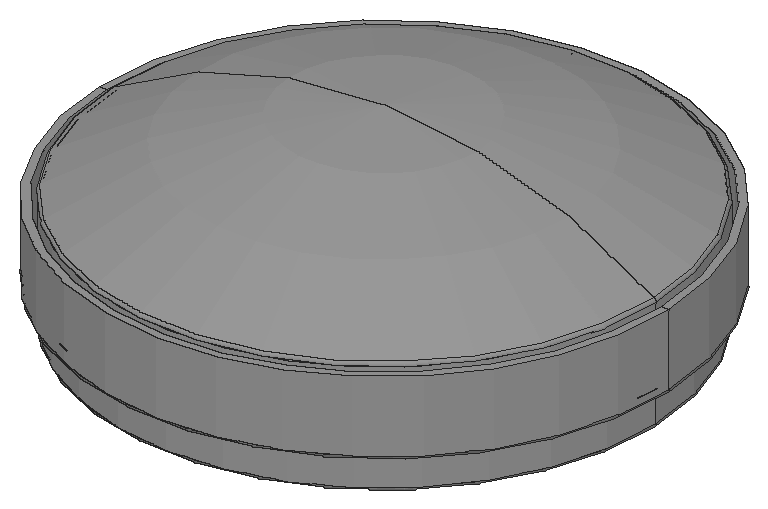
Revit family "3034772 Sylvania Lighting Fixture GIOTTO305 LED G2 4000K SURFACE DALI ", category Lighting Fixtures, host Face, Revit 2016
Family settings
  Host = Face
  Part Type = Normal
  Round Connector Dimension = Use Diameter
  OmniClass Number = 23.80.70.00
  OmniClass Title = Lighting
  Cut with Voids When Loaded = No
  Light Source = Yes
  Shared = No
  Room Calculation Point = No
Parameters (values of type "3034772 GIOTTO305 LED G2 4000K SURFACE DALI ")
  Weight = "1.11 kg"
  Wattage Comments = ""
  Wattage = 19 W
  WarrantyStartDate [instance] = "n/a"
  WarrantyGuarantorParts = "n/a"
  WarrantyDurationUnit = "n/a"
  WarrantyDurationParts = "n/a"
  WarrantyDescription = "n/a"
  built-in parameter 1150110 = 1 (stored number, unit not read)
  Voltage = 0 V
  URL = "http://www.sylvania-lighting.com"
  TypeName = "GIOTTO305 LED G2 4000K SURFACE DALI"
  Type Image = <None>
  Type Comments = "n/a"
  built-in parameter 1114217 = 1 (stored number, unit not read)
  Tilt Angle = -90.00°
  built-in parameter 1150109 = 1 (stored number, unit not read)
  built-in parameter 1150134 = 12
  built-in parameter 1150113 = 1 (stored number, unit not read)
  SerialNumber [instance] = "n/a"
  Photometric Web File = "3034772.ies"
  Material_3_SYL = LED-Sylvania
  PowerFactor = 0
  PowerConsumption = "19 W"
  NominalLength = 305 mm
  NominalHeight = 104 mm
  NominalDepth = 305 mm
  Name = "GIOTTO305 LED G2 4000K SURFACE DALI"
  ModelReference = Name  # "GIOTTO305 LED G2 4000K SURFACE DALI"
  ModelNumber = "3034772"
  Model = Name  # "GIOTTO305 LED G2 4000K SURFACE DALI"
  Material = "polycarbonate housing, polycarbonate diffuser"
  ManufacturerName = "Feilo Sylvania"
  Manufacturer = "Feilo Sylvania"
  LuminousEfficacy = "89 lm/W"
  built-in parameter 1150105 = 134.57 (stored number, unit not read)
  Lumens = 1691 lm
  LuminaireType = ""
  built-in parameter 1150115 = 1 (stored number, unit not read)
  LightOutputRatio = "n/a"
  built-in parameter 1150137 = (empty or 0)
  built-in parameter 1150139 = (empty or 0)
  LampsType = Lamp  # "LED"
  LampNominalLuminous = "1690 lm"
  LampMacAdamStep = "n/a"
  LampColourTemperature = "4000 K"
  LampColourRenderingIndex = "80"
  built-in parameter 1150112 = 1 (stored number, unit not read)
  built-in parameter 1150114 = 1 (stored number, unit not read)
  Lamp = "LED"
  Keynote = "16500"
  InstallationDate [instance] = "n/a"
  InputVoltage = "n/a"
  InputNominalFrequency = "n/a"
  built-in parameter 1150132 = (empty or 0)
  built-in parameter 1150102 = (empty or 0)
  built-in parameter 1150107 = 4000 (stored number, unit not read)
  built-in parameter 1150138 = (empty or 0)
  IngressProtection = "IP44"
  ImpactProtectionIndex = "IK10"
  built-in parameter 1150106 = 1.3457 (stored number, unit not read)
  IfcExportType = "IfcLightFixtureType"
  IfcExportAs = "IfcLightFixtureType"
  Height_SYL = 104 mm
  ExpectedLife = 50000
  Emit from Circle Diameter = 317 mm
  Emit Shape Visible in Rendering = no
  ElectricShockClassification = "Class I"
  built-in parameter 1150104 = 8.2684 (stored number, unit not read)
  DurationUnit = "hours"
  DocumentationLiterature = "http://www.sylvania-lighting.com/product/en-int/products/3034772"
  DimmingControlOptions = "n/a"
  Material_2_SYL = Polycarbonate_Sylvania_Giotto_Opal
  Dimming Lamp Color Temperature Shift = <None>
  DiffuserRadius_SYL = 282.611 mm
  Diameter_SYL = 305 mm
  Description = "Ambient and decorative round, surface mounted LED bulkhead luminaire. White robust polycarbonate body with opal diffuser, 1690 lm, 19W, 89lm/W, 4000K, CRI 80, DALI, 50,000 hours lumen maintenance. Drive current: 700mA, IP44, IK10, Class I, 220-240V, Energy class: A++, A+, A."
  Default Elevation = 1219.2 mm
  CreatedOn = "11/7/2018"
  CreatedBy = "@sylvania-lighting.com"
  Cost = 0
  Color Filter = 16777215
  built-in parameter 1114216 [instance] = (empty or 0)
  ClassificationValue = "EF_70_80"
  ClassificationName = "Uniclass2015"
  Material_1_SYL = Polycarbonate_Sylvania_Giotto_White
  BarCode [instance] = "n/a"
  built-in parameter 1114218 = 1 (stored number, unit not read)
  built-in parameter 1150133 = 10 (stored number, unit not read)
  AssetType = "Fixed"
  AssetIdentifier [instance] = "n/a"
  Assembly Code = "D5020200"
  Apparent Load = 19 VA
  Material_4_SYL = none
Reference planes
  plane 1 "Center (Front/Back)": y = 0
  plane 2: z = 0
  plane 3 "Center (Left/Right)": x = 0
  plane 4: x = 152.5
  plane 5: x = -152.5
  plane 6: x = -145.5
  plane 7: x = -148.5
  plane 8: z = 104
  plane 9: z = 59
  plane 10: z = 19
  plane 11: z = 24
  plane 12: x = -150.9
  plane 13: z = 20.6
  plane 14: z = 1.6
  plane 15: x = -143.9
  plane 16: z = 18
  plane 17: x = -146.5
  plane 18: z = 25
  plane 19: z = 61
Forms (mm)
  Revolve 1, solid, material "Polycarbonate_Sylvania_Giotto_White" <- "Material_1_SYL"
    sketch origin (0, 0, 0) x (1, 0, 0) y (0, 0, 1)
      loop
        line (0, 0) -> (0, 25) -> (-143.9, 25) -> (-143.9, 24) -> (-148.5, 24) -> (-148.5, 59) -> (-152.5, 59) -> (-152.5, 20.6)
        arc (-152.5, 20.6) -> (-152.031, 19.469) -> (-150.9, 19) r 1.6
        line (-150.9, 19) -> (-146.5, 19)
        arc (-146.5, 19) -> (-145.793, 18.707) -> (-145.5, 18) r 1
        line (-145.5, 18) -> (-145.5, 1.6)
        arc (-145.5, 1.6) -> (-145.031, 0.469) -> (-143.9, 0) r 1.6
        line (-143.9, 0) -> (0, 0)
      axis (0, 59) -> (0, 0)
    angle from 360 to 0
  Revolve 2, solid, material "Polycarbonate_Sylvania_Giotto_Opal" <- "Material_2_SYL"
    sketch origin (0, 0, 0) x (1, 0, 0) y (0, 0, 1)
      loop
        line (-145.5, 24) -> (-143.9, 24) -> (-143.9, 59.636)
        arc (-143.9, 59.636) -> (-143.79, 60.068) -> (-143.485, 60.394) r 0.9
        arc (-143.485, 60.394) -> (-74.754, 91.683) -> (0, 102.4) r 266.066
        line (0, 102.4) -> (0, 104)
        arc (0, 104) -> (-75.203, 93.218) -> (-144.348, 61.742) r 267.666
        arc (-144.348, 61.742) -> (-145.193, 60.836) -> (-145.5, 59.636) r 2.5
        line (-145.5, 59.636) -> (-145.5, 24)
      axis (0, 104) -> (0, 24)
    angle from 360 to 0
Dimensions and locks
  equal spacing: plane 4, plane 3 "Center (Left/Right)", plane 5
  "Diameter_SYL": plane 4 to plane 5
  locked: plane 6 to plane 5 at 7
  locked: plane 7 to plane 5 at 4
  "Height_SYL": plane 8 to plane 2
  locked: plane 8 to plane 9 at 45
  locked: plane 9 to plane 10 at 40
  Revolve 1 sketch curve to Revolve 1 sketch curve = 4.4 mm
  locked: plane 11 to plane 10 at 5
  locked: plane 12 to plane 5 at 1.6
  locked: plane 13 to plane 10 at 1.6
  locked: plane 14 to plane 2 at 1.6
  locked: plane 15 to plane 6 at 1.6
  locked: plane 6 to plane 17 at 1
  locked: plane 10 to plane 16 at 1
  locked: plane 18 to plane 11 at 1
  locked: plane 19 to plane 9 at 2
  aligned and locked: plane 2 to host face
  aligned and locked: level to host face
  aligned and locked: Revolve 1 sketch curve to plane 3 "Center (Left/Right)"
  aligned and locked: level to Revolve 1 sketch curve
  aligned and locked: Revolve 1 sketch curve to plane 10
  aligned and locked: plane 9 to Revolve 1 sketch curve
  aligned and locked: Revolve 1 sketch curve to plane 7
  aligned and locked: plane 12 to Revolve 1 sketch curve  (x2)
  aligned and locked: plane 13 to Revolve 1 sketch curve  (x2)
  aligned and locked: plane 15 to Revolve 1 sketch curve  (x3)
  aligned and locked: plane 14 to Revolve 1 sketch curve  (x2)
  aligned and locked: plane 3 "Center (Left/Right)" to imposter light
  aligned and locked: imposter light to plane 1 "Center (Front/Back)"
  aligned and locked: plane 18 to Revolve 1 sketch curve
  aligned and locked: plane 11 to Revolve 1 sketch curve
  aligned and locked: imposter light to plane 8
  aligned and locked: plane 6 to Revolve 1 sketch curve
  aligned and locked: plane 17 to Revolve 1 sketch curve
  aligned and locked: plane 16 to Revolve 1 sketch curve
  aligned and locked: Revolve 2 sketch curve to plane 3 "Center (Left/Right)"
  aligned and locked: plane 6 to Revolve 2 sketch curve
  aligned and locked: plane 3 "Center (Left/Right)" to Revolve 2 sketch curve
  aligned and locked: plane 11 to Revolve 2 sketch curve
  aligned and locked: Revolve 2 sketch curve to imposter light
Automatic sketch dimensions
  host sketch curve to host sketch curve = 2438.4 mm  (x2)
  Revolve 1 sketch curve to plane 3 "Center (Left/Right)" = 0 mm
  Revolve 1 sketch curve to level = 609.6 mm
  Revolve 1 sketch curve to plane 8 = 2499.058 mm
  Revolve 2 sketch curve to Revolve 2 sketch curve = 0 mm  (x4)
  Revolve 2 sketch curve to plane 15 = 0 mm
  Revolve 2 sketch curve to plane 8 = 0 mm
  plane 15 to Revolve 2 sketch curve = 0.9 mm
  Revolve 2 sketch curve to level = 163.666 mm
  Revolve 2 sketch curve to plane 9 = 0.636 mm
  Revolve 2 sketch curve to Revolve 2 sketch curve = 445.934 mm
  Revolve 2 sketch curve to plane 8 = 2505.058 mm
Connectors
  electrical at (0, 0, 0), driven by "Apparent Load", driven by "PowerFactor", driven by "Voltage"
    settings: index 1, voltage 0 V, apparent load 19 VA, apparent load phase1 0 VA, apparent load phase2 0 VA, apparent load phase3 0 VA, power factor 0, load classification "Lighting", number of poles 1, system type 30, power factor state 1, is connector primary yes, connector utility no, sub classification motor no, connector description ""
